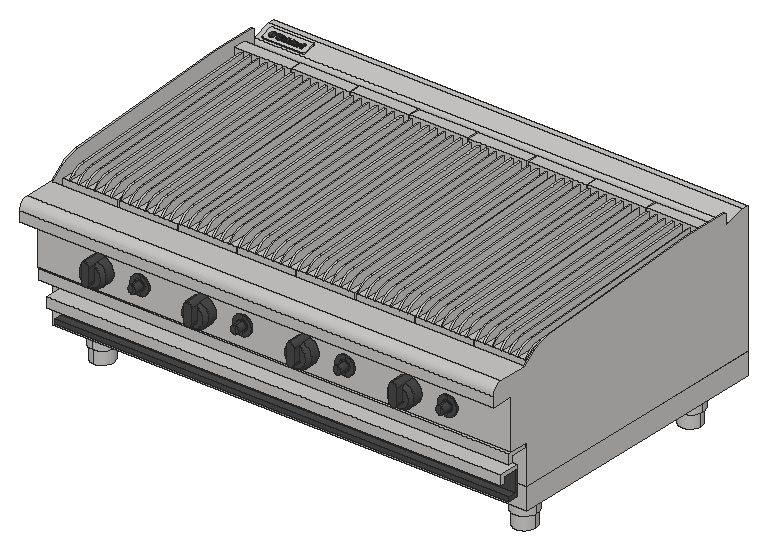
Revit family "QF_MOFFAT WALDORF_CHL8120G-B", category Specialty Equipment, Revit 2012 (continued)
Automatic sketch dimensions
  curve 43 to curve 46 = 0 mm
  curve 107 to curve 109 = 0 mm  (x2)
  curve 47 to curve 50 = 0 mm
  curve 103 to curve 105 = 0 mm  (x2)
  curve 51 to curve 54 = 0 mm
  curve 99 to curve 101 = 0 mm  (x2)
  curve 55 to curve 58 = 0 mm
  plane 1 "BACK" to curve 79 = 50.526 mm
  curve 95 to curve 97 = 0 mm  (x2)
  curve 59 to curve 65 = 0 mm
  curve 91 to curve 93 = 0 mm  (x2)
  curve 66 to curve 69 = 0 mm
  curve 87 to curve 89 = 0 mm  (x2)
  curve 70 to curve 73 = 0 mm
  curve 83 to curve 85 = 0 mm  (x2)
  plane 1 "BACK" to curve 81 = 22.262 mm
  plane 1 "BACK" to curve 80 = 22.262 mm
  plane 1 "BACK" to curve 76 = 22.262 mm
  plane 1 "BACK" to curve 72 = 22.262 mm
  plane 1 "BACK" to curve 68 = 22.262 mm
  plane 1 "BACK" to curve 61 = 22.262 mm
  plane 1 "BACK" to curve 57 = 22.262 mm
  plane 1 "BACK" to curve 53 = 22.262 mm
  plane 1 "BACK" to curve 49 = 22.262 mm
  plane 1 "BACK" to curve 45 = 22.262 mm
  plane 1 "BACK" to curve 41 = 22.262 mm
  plane 1 "BACK" to curve 37 = 22.262 mm
  plane 1 "BACK" to curve 33 = 22.262 mm
  plane 1 "BACK" to curve 29 = 22.262 mm
  plane 1 "BACK" to curve 25 = 22.262 mm
  plane 1 "BACK" to curve 21 = 22.262 mm
  plane 1 "BACK" to curve 17 = 22.262 mm
  curve 13 to curve 7 = 1.304 mm
  Extrusion 1 to Split face 1 sketch curve = 1.962 mm
  Split face 1 sketch curve to Extrusion 1 = 129.583 mm
  Split face 1 sketch curve to Split face 1 sketch curve = 20 mm
  Extrusion 1 to Split face 2 sketch curve = 1.962 mm
  Split face 2 sketch curve to Extrusion 1 = 156.5 mm
  Split face 2 sketch curve to Split face 2 sketch curve = 20 mm
  Extrusion 1 to Split face 3 sketch curve = 1.962 mm
  Split face 3 sketch curve to Extrusion 1 = 183.5 mm
  Split face 3 sketch curve to Split face 3 sketch curve = 20 mm
  Extrusion 1 to Split face 4 sketch curve = 1.962 mm
  Split face 4 sketch curve to Extrusion 1 = 210.5 mm
  Split face 4 sketch curve to Split face 4 sketch curve = 20 mm
  Extrusion 1 to Split face 5 sketch curve = 1.962 mm
  Split face 5 sketch curve to Extrusion 1 = 237.5 mm
  Split face 5 sketch curve to Split face 5 sketch curve = 20 mm
  Extrusion 1 to Split face 6 sketch curve = 1.962 mm
  Split face 6 sketch curve to Extrusion 1 = 264.5 mm
  Split face 6 sketch curve to Split face 6 sketch curve = 20 mm
  Extrusion 1 to Split face 7 sketch curve = 1.962 mm
  Split face 7 sketch curve to Extrusion 1 = 291.5 mm
  Split face 7 sketch curve to Split face 7 sketch curve = 20 mm
  Extrusion 1 to Split face 8 sketch curve = 1.962 mm
  Split face 8 sketch curve to Extrusion 1 = 318.5 mm
  Split face 8 sketch curve to Split face 8 sketch curve = 20 mm
  Extrusion 1 to Split face 9 sketch curve = 1.962 mm
  Split face 9 sketch curve to Extrusion 1 = 345.5 mm
  Split face 9 sketch curve to Split face 9 sketch curve = 20 mm
  Extrusion 1 to Split face 10 sketch curve = 1.962 mm
  Split face 10 sketch curve to Extrusion 1 = 372.579 mm
  Split face 10 sketch curve to Split face 10 sketch curve = 20 mm
  Extrusion 1 to Split face 11 sketch curve = 1.962 mm
  Split face 11 sketch curve to Extrusion 1 = 399.534 mm
  Split face 11 sketch curve to Split face 11 sketch curve = 20 mm
  Revolve 4 sketch curve to level = 0 mm
  level to Revolve 4 sketch curve = 35 mm
  Revolve 4 sketch curve to plane 5 "FRONT" = 148.25 mm
  Revolve 4 sketch curve to Revolve 4 sketch curve = 4.25 mm
  Revolve 4 sketch curve to Revolve 4 sketch curve = 27.5 mm  (x2)
  Revolve 4 sketch curve to Revolve 4 sketch curve = 55 mm
  Revolve 4 sketch curve to Revolve 4 sketch curve = 15 mm
  Revolve 4 sketch curve to Revolve 4 sketch curve = 35 mm
  Extrusion 6 sketch curve to plane 5 "FRONT" = 100 mm
  Revolve 8 sketch curve to plane 5 "FRONT" = 12 mm
  Revolve 8 sketch curve to Revolve 8 sketch curve = 0 mm  (x2)
  Revolve 8 sketch curve to Revolve 8 sketch curve = 11 mm
  Revolve 8 sketch curve to Revolve 8 sketch curve = 12.7 mm
  Revolve 8 sketch curve to Revolve 8 sketch curve = 23 mm
  Revolve 8 sketch curve to Revolve 8 sketch curve = 10 mm
  level to Revolve 8 sketch curve = 297 mm
  Revolve 8 sketch curve to Revolve 8 sketch curve = 5 mm
  Revolve 8 sketch curve to Revolve 8 sketch curve = 26.651 mm
  Revolve 8 sketch curve to Revolve 8 sketch curve = 5.849 mm
  Revolve 10 sketch curve to plane 5 "FRONT" = 12 mm
  Revolve 10 sketch curve to Revolve 10 sketch curve = 0 mm  (x2)
  Revolve 10 sketch curve to Revolve 10 sketch curve = 11 mm
  Revolve 10 sketch curve to Revolve 10 sketch curve = 12.7 mm
  Revolve 10 sketch curve to Revolve 10 sketch curve = 23 mm
  Revolve 10 sketch curve to Revolve 10 sketch curve = 10 mm
  Revolve 10 sketch curve to plane 6 "TOP" = 300.5 mm
  Revolve 10 sketch curve to Revolve 10 sketch curve = 5.849 mm
  Revolve 10 sketch curve to Revolve 10 sketch curve = 27.5 mm
  Revolve 10 sketch curve to Revolve 10 sketch curve = 5 mm
  Revolve 12 sketch curve to plane 5 "FRONT" = 20.12 mm
  Revolve 12 sketch curve to Revolve 12 sketch curve = 6.83 mm
  Revolve 12 sketch curve to Revolve 12 sketch curve = 15.2 mm
  Revolve 12 sketch curve to Revolve 12 sketch curve = 1.144 mm
  Revolve 12 sketch curve to Revolve 12 sketch curve = 3.85 mm
  Revolve 12 sketch curve to Revolve 12 sketch curve = 0 mm  (x2)
  Revolve 12 sketch curve to Revolve 12 sketch curve = 10 mm
  level to Revolve 12 sketch curve = 297 mm
  Revolve 12 sketch curve to Revolve 12 sketch curve = 5 mm
  Revolve 12 sketch curve to Revolve 12 sketch curve = 4.825 mm
  Revolve 12 sketch curve to Revolve 12 sketch curve = 3.025 mm
  Revolve 12 sketch curve to Revolve 12 sketch curve = 11.15 mm
  Revolve 13 sketch curve to plane 5 "FRONT" = 20.12 mm
  Revolve 13 sketch curve to Revolve 13 sketch curve = 6.83 mm
  Revolve 13 sketch curve to Revolve 13 sketch curve = 15.2 mm
  Revolve 13 sketch curve to Revolve 13 sketch curve = 1.144 mm
  Revolve 13 sketch curve to Revolve 13 sketch curve = 3.85 mm
  Revolve 13 sketch curve to Revolve 13 sketch curve = 0 mm  (x2)
  Revolve 13 sketch curve to Revolve 13 sketch curve = 10 mm
  level to Revolve 13 sketch curve = 297 mm
  Revolve 13 sketch curve to Revolve 13 sketch curve = 5 mm
  Revolve 13 sketch curve to Revolve 13 sketch curve = 4.825 mm
  Revolve 13 sketch curve to Revolve 13 sketch curve = 3.025 mm
  Revolve 13 sketch curve to Revolve 13 sketch curve = 11.15 mm
  Extrusion 14 sketch curve to plane 5 "FRONT" = 128 mm
  Extrusion 14 sketch curve to Extrusion 14 sketch curve = 46.148 mm
  Extrusion 14 sketch curve to Extrusion 14 sketch curve = 50.262 mm
  plane 1 "BACK" to Extrusion 14 sketch curve = 132 mm
  Extrusion 14 sketch curve to plane 6 "TOP" = 265.155 mm
  Extrusion 14 sketch curve to plane 6 "TOP" = 219.636 mm
  Extrusion 14 sketch curve to Extrusion 14 sketch curve = 52.486 mm
  Extrusion 15 sketch curve to plane 5 "FRONT" = 128 mm
  Extrusion 15 sketch curve to Extrusion 15 sketch curve = 46.148 mm
  Extrusion 15 sketch curve to Extrusion 15 sketch curve = 4.114 mm
  plane 1 "BACK" to Extrusion 15 sketch curve = 132 mm
  Extrusion 15 sketch curve to plane 6 "TOP" = 265.155 mm
  Extrusion 15 sketch curve to plane 6 "TOP" = 219.636 mm
  Extrusion 15 sketch curve to Extrusion 15 sketch curve = 52.486 mm
  Extrusion 16 sketch curve to plane 5 "FRONT" = 128 mm
  Extrusion 16 sketch curve to Extrusion 16 sketch curve = 46.148 mm
  Extrusion 16 sketch curve to Extrusion 16 sketch curve = 50.262 mm
  plane 1 "BACK" to Extrusion 16 sketch curve = 132 mm
  Extrusion 16 sketch curve to plane 6 "TOP" = 265.155 mm
  Extrusion 16 sketch curve to plane 6 "TOP" = 219.636 mm
  Extrusion 16 sketch curve to Extrusion 16 sketch curve = 52.486 mm
  Extrusion 17 sketch curve to plane 5 "FRONT" = 128 mm
  Extrusion 17 sketch curve to Extrusion 17 sketch curve = 46.148 mm
  Extrusion 17 sketch curve to Extrusion 17 sketch curve = 4.114 mm
  plane 1 "BACK" to Extrusion 17 sketch curve = 132 mm
  Extrusion 17 sketch curve to plane 6 "TOP" = 265.155 mm
  Extrusion 17 sketch curve to plane 6 "TOP" = 219.636 mm
  Extrusion 17 sketch curve to Extrusion 17 sketch curve = 52.486 mm
  Extrusion 18 sketch curve to plane 5 "FRONT" = 128 mm
  Extrusion 18 sketch curve to Extrusion 18 sketch curve = 46.148 mm
  Extrusion 18 sketch curve to Extrusion 18 sketch curve = 50.262 mm
  plane 1 "BACK" to Extrusion 18 sketch curve = 132 mm
  Extrusion 18 sketch curve to plane 6 "TOP" = 265.155 mm
  Extrusion 18 sketch curve to plane 6 "TOP" = 219.636 mm
  Extrusion 18 sketch curve to Extrusion 18 sketch curve = 52.486 mm
  Extrusion 19 sketch curve to plane 5 "FRONT" = 128 mm
  Extrusion 19 sketch curve to Extrusion 19 sketch curve = 46.148 mm
  Extrusion 19 sketch curve to Extrusion 19 sketch curve = 50.262 mm
  plane 1 "BACK" to Extrusion 19 sketch curve = 132 mm
  Extrusion 19 sketch curve to plane 6 "TOP" = 265.155 mm
  Extrusion 19 sketch curve to plane 6 "TOP" = 219.636 mm
  Extrusion 19 sketch curve to Extrusion 19 sketch curve = 52.486 mm
  Extrusion 20 sketch curve to plane 5 "FRONT" = 128 mm
  Extrusion 20 sketch curve to Extrusion 20 sketch curve = 46.148 mm
  Extrusion 20 sketch curve to Extrusion 20 sketch curve = 4.114 mm
  plane 1 "BACK" to Extrusion 20 sketch curve = 132 mm
  Extrusion 20 sketch curve to plane 6 "TOP" = 265.155 mm
  Extrusion 20 sketch curve to plane 6 "TOP" = 219.636 mm
  Extrusion 20 sketch curve to Extrusion 20 sketch curve = 52.486 mm
  Extrusion 21 sketch curve to plane 5 "FRONT" = 128 mm
  Extrusion 21 sketch curve to Extrusion 21 sketch curve = 46.148 mm
  Extrusion 21 sketch curve to Extrusion 21 sketch curve = 50.262 mm
  plane 1 "BACK" to Extrusion 21 sketch curve = 132 mm
  Extrusion 21 sketch curve to plane 6 "TOP" = 265.155 mm
  Extrusion 21 sketch curve to plane 6 "TOP" = 219.636 mm
  Extrusion 21 sketch curve to Extrusion 21 sketch curve = 52.486 mm
  Extrusion 22 sketch curve to plane 5 "FRONT" = 128 mm
  Extrusion 22 sketch curve to Extrusion 22 sketch curve = 46.148 mm
  Extrusion 22 sketch curve to Extrusion 22 sketch curve = 4.114 mm
  plane 1 "BACK" to Extrusion 22 sketch curve = 132 mm
  Extrusion 22 sketch curve to plane 6 "TOP" = 265.155 mm
  Extrusion 22 sketch curve to plane 6 "TOP" = 219.636 mm
  Extrusion 22 sketch curve to Extrusion 22 sketch curve = 52.486 mm
  Extrusion 23 sketch curve to plane 5 "FRONT" = 128 mm
  Extrusion 23 sketch curve to Extrusion 23 sketch curve = 46.148 mm
  Extrusion 23 sketch curve to Extrusion 23 sketch curve = 50.262 mm
  plane 1 "BACK" to Extrusion 23 sketch curve = 132 mm
  Extrusion 23 sketch curve to plane 6 "TOP" = 265.155 mm
  Extrusion 23 sketch curve to plane 6 "TOP" = 219.636 mm
  Extrusion 23 sketch curve to Extrusion 23 sketch curve = 52.486 mm
  Extrusion 24 sketch curve to plane 5 "FRONT" = 128 mm
  Extrusion 24 sketch curve to Extrusion 24 sketch curve = 46.148 mm
  Extrusion 24 sketch curve to Extrusion 24 sketch curve = 4.114 mm
  plane 1 "BACK" to Extrusion 24 sketch curve = 132 mm
  Extrusion 24 sketch curve to plane 6 "TOP" = 265.155 mm
  Extrusion 24 sketch curve to plane 6 "TOP" = 219.636 mm
  Extrusion 24 sketch curve to Extrusion 24 sketch curve = 52.486 mm
  Extrusion 25 sketch curve to plane 5 "FRONT" = 128 mm
  Extrusion 25 sketch curve to Extrusion 25 sketch curve = 46.148 mm
  Extrusion 25 sketch curve to Extrusion 25 sketch curve = 4.114 mm
  plane 1 "BACK" to Extrusion 25 sketch curve = 132 mm
  Extrusion 25 sketch curve to plane 6 "TOP" = 265.155 mm
  Extrusion 25 sketch curve to plane 6 "TOP" = 219.636 mm
  Extrusion 25 sketch curve to Extrusion 25 sketch curve = 52.486 mm
  Extrusion 26 sketch curve to plane 5 "FRONT" = 128 mm
  Extrusion 26 sketch curve to Extrusion 26 sketch curve = 46.148 mm
  Extrusion 26 sketch curve to Extrusion 26 sketch curve = 4.114 mm
  plane 1 "BACK" to Extrusion 26 sketch curve = 132 mm
  Extrusion 26 sketch curve to plane 6 "TOP" = 265.155 mm
  Extrusion 26 sketch curve to plane 6 "TOP" = 219.636 mm
  Extrusion 26 sketch curve to Extrusion 26 sketch curve = 52.486 mm
  Extrusion 27 sketch curve to plane 5 "FRONT" = 128 mm
  Extrusion 27 sketch curve to Extrusion 27 sketch curve = 46.148 mm
  Extrusion 27 sketch curve to Extrusion 27 sketch curve = 4.114 mm
  plane 1 "BACK" to Extrusion 27 sketch curve = 132 mm
  Extrusion 27 sketch curve to plane 6 "TOP" = 265.155 mm
  Extrusion 27 sketch curve to plane 6 "TOP" = 219.636 mm
  Extrusion 27 sketch curve to Extrusion 27 sketch curve = 52.486 mm
  Extrusion 28 sketch curve to plane 5 "FRONT" = 128 mm
  Extrusion 28 sketch curve to Extrusion 28 sketch curve = 46.148 mm
  Extrusion 28 sketch curve to Extrusion 28 sketch curve = 4.114 mm
  plane 1 "BACK" to Extrusion 28 sketch curve = 132 mm
  Extrusion 28 sketch curve to plane 6 "TOP" = 265.155 mm
  Extrusion 28 sketch curve to plane 6 "TOP" = 219.636 mm
  Extrusion 28 sketch curve to Extrusion 28 sketch curve = 52.486 mm
  Extrusion 29 sketch curve to plane 5 "FRONT" = 128 mm
  Extrusion 29 sketch curve to Extrusion 29 sketch curve = 46.148 mm
  Extrusion 29 sketch curve to Extrusion 29 sketch curve = 50.262 mm
  plane 1 "BACK" to Extrusion 29 sketch curve = 132 mm
  Extrusion 29 sketch curve to plane 6 "TOP" = 265.155 mm
  Extrusion 29 sketch curve to plane 6 "TOP" = 219.636 mm
  Extrusion 29 sketch curve to Extrusion 29 sketch curve = 52.486 mm
  Extrusion 30 sketch curve to plane 5 "FRONT" = 128 mm
  Extrusion 30 sketch curve to Extrusion 30 sketch curve = 46.148 mm
  Extrusion 30 sketch curve to Extrusion 30 sketch curve = 50.262 mm
  plane 1 "BACK" to Extrusion 30 sketch curve = 132 mm
  Extrusion 30 sketch curve to plane 6 "TOP" = 265.155 mm
  Extrusion 30 sketch curve to plane 6 "TOP" = 219.636 mm
  Extrusion 30 sketch curve to Extrusion 30 sketch curve = 52.486 mm
  Extrusion 31 sketch curve to plane 5 "FRONT" = 128 mm
  Extrusion 31 sketch curve to Extrusion 31 sketch curve = 46.148 mm
  Extrusion 31 sketch curve to Extrusion 31 sketch curve = 4.114 mm
  plane 1 "BACK" to Extrusion 31 sketch curve = 132 mm
  Extrusion 31 sketch curve to plane 6 "TOP" = 265.155 mm
  Extrusion 31 sketch curve to plane 6 "TOP" = 219.636 mm
  Extrusion 31 sketch curve to Extrusion 31 sketch curve = 52.486 mm
  Extrusion 32 sketch curve to plane 5 "FRONT" = 128 mm
  Extrusion 32 sketch curve to Extrusion 32 sketch curve = 46.148 mm
  Extrusion 32 sketch curve to Extrusion 32 sketch curve = 50.262 mm
  plane 1 "BACK" to Extrusion 32 sketch curve = 132 mm
  Extrusion 32 sketch curve to plane 6 "TOP" = 265.155 mm
  Extrusion 32 sketch curve to plane 6 "TOP" = 219.636 mm
  Extrusion 32 sketch curve to Extrusion 32 sketch curve = 52.486 mm
  Extrusion 33 sketch curve to plane 5 "FRONT" = 128 mm
  Extrusion 33 sketch curve to Extrusion 33 sketch curve = 46.148 mm
  Extrusion 33 sketch curve to Extrusion 33 sketch curve = 4.114 mm
  plane 1 "BACK" to Extrusion 33 sketch curve = 132 mm
  Extrusion 33 sketch curve to plane 6 "TOP" = 265.155 mm
  Extrusion 33 sketch curve to plane 6 "TOP" = 219.636 mm
  Extrusion 33 sketch curve to Extrusion 33 sketch curve = 52.486 mm
  Extrusion 34 sketch curve to plane 5 "FRONT" = 128 mm
  Extrusion 34 sketch curve to Extrusion 34 sketch curve = 46.148 mm
  Extrusion 34 sketch curve to Extrusion 34 sketch curve = 4.114 mm
  plane 1 "BACK" to Extrusion 34 sketch curve = 132 mm
  Extrusion 34 sketch curve to plane 6 "TOP" = 265.155 mm
  Extrusion 34 sketch curve to Extrusion 34 sketch curve = 45.518 mm
  Extrusion 34 sketch curve to Extrusion 34 sketch curve = 52.486 mm
  Extrusion 35 sketch curve to plane 5 "FRONT" = 128 mm
  Extrusion 35 sketch curve to Extrusion 35 sketch curve = 46.148 mm
  Extrusion 35 sketch curve to Extrusion 35 sketch curve = 50.262 mm
  plane 1 "BACK" to Extrusion 35 sketch curve = 132 mm
  Extrusion 35 sketch curve to plane 6 "TOP" = 265.155 mm
  Extrusion 35 sketch curve to plane 6 "TOP" = 219.636 mm
  Extrusion 35 sketch curve to Extrusion 35 sketch curve = 52.486 mm
  Extrusion 36 sketch curve to plane 5 "FRONT" = 128 mm
  Extrusion 36 sketch curve to Extrusion 36 sketch curve = 46.148 mm
  Extrusion 36 sketch curve to Extrusion 36 sketch curve = 4.114 mm
  plane 1 "BACK" to Extrusion 36 sketch curve = 132 mm
  Extrusion 36 sketch curve to plane 6 "TOP" = 265.155 mm
  Extrusion 36 sketch curve to plane 6 "TOP" = 219.636 mm
  Extrusion 36 sketch curve to Extrusion 36 sketch curve = 52.486 mm
  Extrusion 37 sketch curve to plane 5 "FRONT" = 128 mm
  Extrusion 37 sketch curve to Extrusion 37 sketch curve = 46.148 mm
  Extrusion 37 sketch curve to Extrusion 37 sketch curve = 4.114 mm
  plane 1 "BACK" to Extrusion 37 sketch curve = 132 mm
  Extrusion 37 sketch curve to plane 6 "TOP" = 265.155 mm
  Extrusion 37 sketch curve to plane 6 "TOP" = 219.636 mm
  Extrusion 37 sketch curve to Extrusion 37 sketch curve = 52.486 mm
  Extrusion 38 sketch curve to plane 5 "FRONT" = 128 mm
  Extrusion 38 sketch curve to Extrusion 38 sketch curve = 46.148 mm
  Extrusion 38 sketch curve to Extrusion 38 sketch curve = 50.262 mm
  plane 1 "BACK" to Extrusion 38 sketch curve = 132 mm
  Extrusion 38 sketch curve to plane 6 "TOP" = 265.155 mm
  Extrusion 38 sketch curve to plane 6 "TOP" = 219.636 mm
  Extrusion 38 sketch curve to Extrusion 38 sketch curve = 52.486 mm
  Extrusion 39 sketch curve to plane 5 "FRONT" = 128 mm
  Extrusion 39 sketch curve to Extrusion 39 sketch curve = 46.148 mm
  Extrusion 39 sketch curve to Extrusion 39 sketch curve = 50.262 mm
  plane 1 "BACK" to Extrusion 39 sketch curve = 132 mm
  Extrusion 39 sketch curve to plane 6 "TOP" = 265.155 mm
  Extrusion 39 sketch curve to plane 6 "TOP" = 219.636 mm
  Extrusion 39 sketch curve to Extrusion 39 sketch curve = 52.486 mm
  Extrusion 40 sketch curve to plane 5 "FRONT" = 128 mm
  Extrusion 40 sketch curve to Extrusion 40 sketch curve = 46.148 mm
  Extrusion 40 sketch curve to Extrusion 40 sketch curve = 4.114 mm
  plane 1 "BACK" to Extrusion 40 sketch curve = 132 mm
  Extrusion 40 sketch curve to plane 6 "TOP" = 265.155 mm
  Extrusion 40 sketch curve to plane 6 "TOP" = 219.636 mm
  Extrusion 40 sketch curve to Extrusion 40 sketch curve = 52.486 mm
  Extrusion 42 sketch curve to plane 5 "FRONT" = 81 mm
  Extrusion 42 sketch curve to Extrusion 42 sketch curve = 20 mm
  Extrusion 42 sketch curve to Extrusion 42 sketch curve = 18.654 mm
  level to Extrusion 42 sketch curve = 108.047 mm
  Extrusion 42 sketch curve to Extrusion 42 sketch curve = 10 mm
  Extrusion 42 sketch curve to Extrusion 42 sketch curve = 53.75 mm
  Extrusion 43 sketch curve to plane 5 "FRONT" = 53.73 mm
  Extrusion 43 sketch curve to Extrusion 43 sketch curve = 10 mm  (x2)
  Extrusion 43 sketch curve to Extrusion 43 sketch curve = 42.27 mm
  level to Extrusion 43 sketch curve = 211.219 mm
  Extrusion 43 sketch curve to Extrusion 43 sketch curve = 15 mm
  Split face 12 sketch curve to cut or joined group of Extrusion 1, Extrusion 6, Extrusion 7 = 1.25 mm
  Split face 12 sketch curve to cut or joined group of Extrusion 1, Extrusion 6, Extrusion 7 = 24.993 mm
  cut or joined group of Extrusion 1, Extrusion 6, Extrusion 7 to Split face 12 sketch curve = 1.25 mm
  Split face 12 sketch curve to cut or joined group of Extrusion 1, Extrusion 6, Extrusion 7 = 25.12 mm
  Extrusion 44 sketch curve to plane 5 "FRONT" = 53.73 mm
  Extrusion 44 sketch curve to Extrusion 44 sketch curve = 10 mm  (x2)
  Extrusion 44 sketch curve to Extrusion 44 sketch curve = 55.924 mm
  level to Extrusion 44 sketch curve = 156.797 mm
  Extrusion 44 sketch curve to Extrusion 44 sketch curve = 15 mm
  Extrusion 45 sketch curve to plane 5 "FRONT" = 128 mm
  plane 1 "BACK" to Extrusion 45 sketch curve = 132 mm
  Extrusion 45 sketch curve to Extrusion 45 sketch curve = 30 mm
  Extrusion 45 sketch curve to plane 6 "TOP" = 255 mm
  Extrusion 45 sketch curve to Extrusion 45 sketch curve = 35.364 mm
  Extrusion 45 sketch curve to Extrusion 45 sketch curve = 59.636 mm
  Extrusion 46 sketch curve to plane 5 "FRONT" = 128 mm
  plane 1 "BACK" to Extrusion 46 sketch curve = 132 mm
  Extrusion 46 sketch curve to Extrusion 46 sketch curve = 30 mm
  Extrusion 46 sketch curve to plane 6 "TOP" = 255 mm
  Extrusion 46 sketch curve to Extrusion 46 sketch curve = 35.364 mm
  Extrusion 46 sketch curve to Extrusion 46 sketch curve = 59.636 mm
  Extrusion 47 sketch curve to plane 5 "FRONT" = 128 mm
  plane 1 "BACK" to Extrusion 47 sketch curve = 132 mm
  Extrusion 47 sketch curve to Extrusion 47 sketch curve = 30 mm
  Extrusion 47 sketch curve to plane 6 "TOP" = 255 mm
  Extrusion 47 sketch curve to Extrusion 47 sketch curve = 35.364 mm
  Extrusion 47 sketch curve to Extrusion 47 sketch curve = 59.636 mm
  Extrusion 48 sketch curve to plane 5 "FRONT" = 128 mm
  plane 1 "BACK" to Extrusion 48 sketch curve = 132 mm
  Extrusion 48 sketch curve to Extrusion 48 sketch curve = 30 mm
  Extrusion 48 sketch curve to plane 6 "TOP" = 255 mm
  Extrusion 48 sketch curve to Extrusion 48 sketch curve = 35.364 mm
  Extrusion 48 sketch curve to Extrusion 48 sketch curve = 59.636 mm
  Extrusion 49 sketch curve to plane 5 "FRONT" = 128 mm
  Extrusion 49 sketch curve to Extrusion 49 sketch curve = 46.148 mm
  Extrusion 49 sketch curve to Extrusion 49 sketch curve = 50.262 mm
  plane 1 "BACK" to Extrusion 49 sketch curve = 132 mm
  Extrusion 49 sketch curve to plane 6 "TOP" = 265.155 mm
  Extrusion 49 sketch curve to Extrusion 49 sketch curve = 45.518 mm
  Extrusion 49 sketch curve to Extrusion 49 sketch curve = 52.486 mm
  Extrusion 50 sketch curve to plane 5 "FRONT" = 128 mm
  Extrusion 50 sketch curve to Extrusion 50 sketch curve = 46.148 mm
  Extrusion 50 sketch curve to Extrusion 50 sketch curve = 4.114 mm
  plane 1 "BACK" to Extrusion 50 sketch curve = 132 mm
  Extrusion 50 sketch curve to plane 6 "TOP" = 265.155 mm
  Extrusion 50 sketch curve to plane 6 "TOP" = 219.636 mm
  Extrusion 50 sketch curve to Extrusion 50 sketch curve = 52.486 mm
  Extrusion 51 sketch curve to plane 5 "FRONT" = 128 mm
  Extrusion 51 sketch curve to Extrusion 51 sketch curve = 46.148 mm
  Extrusion 51 sketch curve to Extrusion 51 sketch curve = 4.114 mm
  plane 1 "BACK" to Extrusion 51 sketch curve = 132 mm
  Extrusion 51 sketch curve to plane 6 "TOP" = 265.155 mm
  Extrusion 51 sketch curve to plane 6 "TOP" = 219.636 mm
  Extrusion 51 sketch curve to Extrusion 51 sketch curve = 52.486 mm
  Extrusion 52 sketch curve to plane 5 "FRONT" = 128 mm
  Extrusion 52 sketch curve to Extrusion 52 sketch curve = 46.148 mm
  Extrusion 52 sketch curve to Extrusion 52 sketch curve = 4.114 mm
  plane 1 "BACK" to Extrusion 52 sketch curve = 132 mm
  Extrusion 52 sketch curve to plane 6 "TOP" = 265.155 mm
  Extrusion 52 sketch curve to plane 6 "TOP" = 219.636 mm
  Extrusion 52 sketch curve to Extrusion 52 sketch curve = 52.486 mm
  Extrusion 53 sketch curve to plane 5 "FRONT" = 128 mm
  Extrusion 53 sketch curve to Extrusion 53 sketch curve = 46.148 mm
  Extrusion 53 sketch curve to Extrusion 53 sketch curve = 4.114 mm
  plane 1 "BACK" to Extrusion 53 sketch curve = 132 mm
  Extrusion 53 sketch curve to plane 6 "TOP" = 265.155 mm
  Extrusion 53 sketch curve to plane 6 "TOP" = 219.636 mm
  Extrusion 53 sketch curve to Extrusion 53 sketch curve = 52.486 mm
  Extrusion 54 sketch curve to plane 5 "FRONT" = 128 mm
  Extrusion 54 sketch curve to Extrusion 54 sketch curve = 46.148 mm
  Extrusion 54 sketch curve to Extrusion 54 sketch curve = 4.114 mm
  plane 1 "BACK" to Extrusion 54 sketch curve = 132 mm
  Extrusion 54 sketch curve to plane 6 "TOP" = 265.155 mm
  Extrusion 54 sketch curve to plane 6 "TOP" = 219.636 mm
  Extrusion 54 sketch curve to Extrusion 54 sketch curve = 52.486 mm
  Extrusion 55 sketch curve to plane 5 "FRONT" = 128 mm
  Extrusion 55 sketch curve to Extrusion 55 sketch curve = 46.148 mm
  Extrusion 55 sketch curve to Extrusion 55 sketch curve = 4.114 mm
  plane 1 "BACK" to Extrusion 55 sketch curve = 132 mm
  Extrusion 55 sketch curve to plane 6 "TOP" = 265.155 mm
  Extrusion 55 sketch curve to plane 6 "TOP" = 219.636 mm
  Extrusion 55 sketch curve to Extrusion 55 sketch curve = 52.486 mm
  Extrusion 56 sketch curve to plane 5 "FRONT" = 128 mm
  plane 1 "BACK" to Extrusion 56 sketch curve = 132 mm
  Extrusion 56 sketch curve to Extrusion 56 sketch curve = 30 mm
  Extrusion 56 sketch curve to plane 6 "TOP" = 255 mm
  Extrusion 56 sketch curve to Extrusion 56 sketch curve = 35.364 mm
  Extrusion 56 sketch curve to Extrusion 56 sketch curve = 59.636 mm
  Extrusion 57 sketch curve to plane 5 "FRONT" = 128 mm
  Extrusion 57 sketch curve to Extrusion 57 sketch curve = 46.148 mm
  Extrusion 57 sketch curve to Extrusion 57 sketch curve = 50.262 mm
  plane 1 "BACK" to Extrusion 57 sketch curve = 132 mm
  Extrusion 57 sketch curve to plane 6 "TOP" = 265.155 mm
  Extrusion 57 sketch curve to Extrusion 57 sketch curve = 45.518 mm
  Extrusion 57 sketch curve to Extrusion 57 sketch curve = 52.486 mm
  Extrusion 58 sketch curve to plane 5 "FRONT" = 128 mm
  Extrusion 58 sketch curve to Extrusion 58 sketch curve = 46.148 mm
  Extrusion 58 sketch curve to Extrusion 58 sketch curve = 4.114 mm
  plane 1 "BACK" to Extrusion 58 sketch curve = 132 mm
  Extrusion 58 sketch curve to plane 6 "TOP" = 265.155 mm
  Extrusion 58 sketch curve to plane 6 "TOP" = 219.636 mm
  Extrusion 58 sketch curve to Extrusion 58 sketch curve = 52.486 mm
  Extrusion 59 sketch curve to plane 5 "FRONT" = 128 mm
  Extrusion 59 sketch curve to Extrusion 59 sketch curve = 46.148 mm
  Extrusion 59 sketch curve to Extrusion 59 sketch curve = 4.114 mm
  plane 1 "BACK" to Extrusion 59 sketch curve = 132 mm
  Extrusion 59 sketch curve to plane 6 "TOP" = 265.155 mm
  Extrusion 59 sketch curve to plane 6 "TOP" = 219.636 mm
  Extrusion 59 sketch curve to Extrusion 59 sketch curve = 52.486 mm
  Extrusion 60 sketch curve to plane 5 "FRONT" = 128 mm
  Extrusion 60 sketch curve to Extrusion 60 sketch curve = 46.148 mm
  Extrusion 60 sketch curve to Extrusion 60 sketch curve = 4.114 mm
  plane 1 "BACK" to Extrusion 60 sketch curve = 132 mm
  Extrusion 60 sketch curve to plane 6 "TOP" = 265.155 mm
  Extrusion 60 sketch curve to plane 6 "TOP" = 219.636 mm
  Extrusion 60 sketch curve to Extrusion 60 sketch curve = 52.486 mm
  Extrusion 61 sketch curve to plane 5 "FRONT" = 128 mm
  Extrusion 61 sketch curve to Extrusion 61 sketch curve = 46.148 mm
  Extrusion 61 sketch curve to Extrusion 61 sketch curve = 4.114 mm
  plane 1 "BACK" to Extrusion 61 sketch curve = 132 mm
  Extrusion 61 sketch curve to plane 6 "TOP" = 265.155 mm
  Extrusion 61 sketch curve to plane 6 "TOP" = 219.636 mm
  Extrusion 61 sketch curve to Extrusion 61 sketch curve = 52.486 mm
  Extrusion 62 sketch curve to plane 5 "FRONT" = 128 mm
  Extrusion 62 sketch curve to Extrusion 62 sketch curve = 46.148 mm
  Extrusion 62 sketch curve to Extrusion 62 sketch curve = 4.114 mm
  plane 1 "BACK" to Extrusion 62 sketch curve = 132 mm
  Extrusion 62 sketch curve to plane 6 "TOP" = 265.155 mm
  Extrusion 62 sketch curve to plane 6 "TOP" = 219.636 mm
  Extrusion 62 sketch curve to Extrusion 62 sketch curve = 52.486 mm
  Extrusion 63 sketch curve to plane 5 "FRONT" = 128 mm
  Extrusion 63 sketch curve to Extrusion 63 sketch curve = 46.148 mm
  Extrusion 63 sketch curve to Extrusion 63 sketch curve = 4.114 mm
  plane 1 "BACK" to Extrusion 63 sketch curve = 132 mm
  Extrusion 63 sketch curve to plane 6 "TOP" = 265.155 mm
  Extrusion 63 sketch curve to plane 6 "TOP" = 219.636 mm
  Extrusion 63 sketch curve to Extrusion 63 sketch curve = 52.486 mm
  Extrusion 64 sketch curve to plane 5 "FRONT" = 128 mm
  plane 1 "BACK" to Extrusion 64 sketch curve = 132 mm
  Extrusion 64 sketch curve to Extrusion 64 sketch curve = 30 mm
  Extrusion 64 sketch curve to plane 6 "TOP" = 255 mm
  Extrusion 64 sketch curve to Extrusion 64 sketch curve = 35.364 mm
  Extrusion 64 sketch curve to Extrusion 64 sketch curve = 59.636 mm
  Extrusion 1 to Split face 13 sketch curve = 1.962 mm
  Split face 13 sketch curve to Extrusion 1 = 426.534 mm
  Split face 13 sketch curve to Split face 13 sketch curve = 20 mm
  Extrusion 1 to Split face 14 sketch curve = 1.962 mm
  Split face 14 sketch curve to Extrusion 1 = 453.567 mm
  Split face 14 sketch curve to Split face 14 sketch curve = 20 mm
  Extrusion 1 to Split face 15 sketch curve = 1.962 mm
  Split face 15 sketch curve to Extrusion 1 = 480.567 mm
  Split face 15 sketch curve to Split face 15 sketch curve = 20 mm
  Extrusion 1 to Split face 16 sketch curve = 1.962 mm
  Split face 16 sketch curve to Extrusion 1 = 507.567 mm
  Split face 16 sketch curve to Split face 16 sketch curve = 20 mm
  Extrusion 1 to Split face 17 sketch curve = 1.962 mm
  Split face 17 sketch curve to Extrusion 1 = 534.567 mm
  Split face 17 sketch curve to Split face 17 sketch curve = 20 mm
  Extrusion 1 to Split face 18 sketch curve = 1.962 mm
  Split face 18 sketch curve to Extrusion 1 = 561.567 mm
  Split face 18 sketch curve to Split face 18 sketch curve = 20 mm
  Extrusion 1 to Split face 19 sketch curve = 1.962 mm
  Split face 19 sketch curve to Extrusion 1 = 588.567 mm
  Split face 19 sketch curve to Split face 19 sketch curve = 20 mm
  Extrusion 1 to Split face 20 sketch curve = 1.962 mm
  Split face 20 sketch curve to Extrusion 1 = 584.433 mm
  Split face 20 sketch curve to Split face 20 sketch curve = 20 mm
  Extrusion 1 to Split face 21 sketch curve = 1.962 mm
  Split face 21 sketch curve to Extrusion 1 = 557.466 mm
  Split face 21 sketch curve to Split face 21 sketch curve = 20 mm
  Extrusion 1 to Split face 22 sketch curve = 1.962 mm
  Split face 22 sketch curve to Extrusion 1 = 530.466 mm
  Split face 22 sketch curve to Split face 22 sketch curve = 20 mm
  Extrusion 1 to Split face 23 sketch curve = 1.962 mm
  Split face 23 sketch curve to Extrusion 1 = 503.466 mm
  Split face 23 sketch curve to Split face 23 sketch curve = 20 mm
  Extrusion 1 to Split face 24 sketch curve = 1.962 mm
  Split face 24 sketch curve to Extrusion 1 = 476.466 mm
  Split face 24 sketch curve to Split face 24 sketch curve = 20 mm
  Extrusion 1 to Split face 25 sketch curve = 1.962 mm
  Split face 25 sketch curve to Extrusion 1 = 449.466 mm
  Split face 25 sketch curve to Split face 25 sketch curve = 20 mm
  Revolve 65 sketch curve to plane 5 "FRONT" = 12 mm
  Revolve 65 sketch curve to Revolve 65 sketch curve = 0 mm  (x2)
  Revolve 65 sketch curve to Revolve 65 sketch curve = 11 mm
  Revolve 65 sketch curve to Revolve 65 sketch curve = 12.7 mm
  Revolve 65 sketch curve to Revolve 65 sketch curve = 23 mm
  Revolve 65 sketch curve to Revolve 65 sketch curve = 10 mm
  Revolve 65 sketch curve to plane 6 "TOP" = 300.5 mm
  Revolve 65 sketch curve to Revolve 65 sketch curve = 5.849 mm
  Revolve 65 sketch curve to Revolve 65 sketch curve = 27.5 mm
  Revolve 65 sketch curve to Revolve 65 sketch curve = 5 mm
  Revolve 67 sketch curve to plane 5 "FRONT" = 20.12 mm
  Revolve 67 sketch curve to Revolve 67 sketch curve = 6.83 mm
  Revolve 67 sketch curve to Revolve 67 sketch curve = 15.2 mm
  Revolve 67 sketch curve to Revolve 67 sketch curve = 1.144 mm
  Revolve 67 sketch curve to Revolve 67 sketch curve = 3.85 mm
  Revolve 67 sketch curve to Revolve 67 sketch curve = 0 mm  (x2)
  Revolve 67 sketch curve to Revolve 67 sketch curve = 10 mm
  level to Revolve 67 sketch curve = 297 mm
  Revolve 67 sketch curve to Revolve 67 sketch curve = 5 mm
  Revolve 67 sketch curve to Revolve 67 sketch curve = 4.825 mm
  Revolve 67 sketch curve to Revolve 67 sketch curve = 3.025 mm
  Revolve 67 sketch curve to Revolve 67 sketch curve = 11.15 mm
  Revolve 68 sketch curve to plane 5 "FRONT" = 12 mm
  Revolve 68 sketch curve to Revolve 68 sketch curve = 0 mm  (x2)
  Revolve 68 sketch curve to Revolve 68 sketch curve = 11 mm
  Revolve 68 sketch curve to Revolve 68 sketch curve = 12.7 mm
  Revolve 68 sketch curve to Revolve 68 sketch curve = 23 mm
  Revolve 68 sketch curve to Revolve 68 sketch curve = 10 mm
  Revolve 68 sketch curve to plane 6 "TOP" = 300.5 mm
  Revolve 68 sketch curve to Revolve 68 sketch curve = 5.849 mm
  Revolve 68 sketch curve to Revolve 68 sketch curve = 27.5 mm
  Revolve 68 sketch curve to Revolve 68 sketch curve = 5 mm
  plane 4 "RIGHT" to Extrusion 69 sketch curve = 241.991 mm
  Extrusion 69 sketch curve to Extrusion 69 sketch curve = 10 mm
  Extrusion 69 sketch curve to plane 6 "TOP" = 306 mm
  Extrusion 69 sketch curve to Extrusion 69 sketch curve = 35 mm
  Revolve 70 sketch curve to plane 5 "FRONT" = 20.12 mm
  Revolve 70 sketch curve to Revolve 70 sketch curve = 6.83 mm
  Revolve 70 sketch curve to Revolve 70 sketch curve = 15.2 mm
  Revolve 70 sketch curve to Revolve 70 sketch curve = 1.144 mm
  Revolve 70 sketch curve to Revolve 70 sketch curve = 3.85 mm
  Revolve 70 sketch curve to Revolve 70 sketch curve = 0 mm  (x2)
  Revolve 70 sketch curve to Revolve 70 sketch curve = 10 mm
  level to Revolve 70 sketch curve = 297 mm
  Revolve 70 sketch curve to Revolve 70 sketch curve = 5 mm
  Revolve 70 sketch curve to Revolve 70 sketch curve = 4.825 mm
  Revolve 70 sketch curve to Revolve 70 sketch curve = 3.025 mm
  Revolve 70 sketch curve to Revolve 70 sketch curve = 11.15 mm
  Extrusion 71 sketch curve to plane 5 "FRONT" = 128 mm
  Extrusion 71 sketch curve to Extrusion 71 sketch curve = 46.148 mm
  Extrusion 71 sketch curve to Extrusion 71 sketch curve = 50.262 mm
  plane 1 "BACK" to Extrusion 71 sketch curve = 132 mm
  Extrusion 71 sketch curve to plane 6 "TOP" = 265.155 mm
  Extrusion 71 sketch curve to Extrusion 71 sketch curve = 45.518 mm
  Extrusion 71 sketch curve to Extrusion 71 sketch curve = 52.486 mm
  Extrusion 72 sketch curve to plane 5 "FRONT" = 128 mm
  Extrusion 72 sketch curve to Extrusion 72 sketch curve = 46.148 mm
  Extrusion 72 sketch curve to Extrusion 72 sketch curve = 4.114 mm
  plane 1 "BACK" to Extrusion 72 sketch curve = 132 mm
  Extrusion 72 sketch curve to plane 6 "TOP" = 265.155 mm
  Extrusion 72 sketch curve to plane 6 "TOP" = 219.636 mm
  Extrusion 72 sketch curve to Extrusion 72 sketch curve = 52.486 mm
  Extrusion 73 sketch curve to plane 5 "FRONT" = 128 mm
  Extrusion 73 sketch curve to Extrusion 73 sketch curve = 46.148 mm
  Extrusion 73 sketch curve to Extrusion 73 sketch curve = 4.114 mm
  plane 1 "BACK" to Extrusion 73 sketch curve = 132 mm
  Extrusion 73 sketch curve to plane 6 "TOP" = 265.155 mm
  Extrusion 73 sketch curve to plane 6 "TOP" = 219.636 mm
  Extrusion 73 sketch curve to Extrusion 73 sketch curve = 52.486 mm
  Extrusion 74 sketch curve to plane 5 "FRONT" = 128 mm
  Extrusion 74 sketch curve to Extrusion 74 sketch curve = 46.148 mm
  Extrusion 74 sketch curve to Extrusion 74 sketch curve = 4.114 mm
  plane 1 "BACK" to Extrusion 74 sketch curve = 132 mm
  Extrusion 74 sketch curve to plane 6 "TOP" = 265.155 mm
  Extrusion 74 sketch curve to plane 6 "TOP" = 219.636 mm
  Extrusion 74 sketch curve to Extrusion 74 sketch curve = 52.486 mm
  Extrusion 75 sketch curve to plane 5 "FRONT" = 128 mm
  Extrusion 75 sketch curve to Extrusion 75 sketch curve = 46.148 mm
  Extrusion 75 sketch curve to Extrusion 75 sketch curve = 4.114 mm
  plane 1 "BACK" to Extrusion 75 sketch curve = 132 mm
  Extrusion 75 sketch curve to plane 6 "TOP" = 265.155 mm
  Extrusion 75 sketch curve to plane 6 "TOP" = 219.636 mm
  Extrusion 75 sketch curve to Extrusion 75 sketch curve = 52.486 mm
  Extrusion 76 sketch curve to plane 5 "FRONT" = 128 mm
  Extrusion 76 sketch curve to Extrusion 76 sketch curve = 46.148 mm
  Extrusion 76 sketch curve to Extrusion 76 sketch curve = 4.114 mm
  plane 1 "BACK" to Extrusion 76 sketch curve = 132 mm
  Extrusion 76 sketch curve to plane 6 "TOP" = 265.155 mm
  Extrusion 76 sketch curve to plane 6 "TOP" = 219.636 mm
  Extrusion 76 sketch curve to Extrusion 76 sketch curve = 52.486 mm
  Extrusion 77 sketch curve to plane 5 "FRONT" = 128 mm
  Extrusion 77 sketch curve to Extrusion 77 sketch curve = 46.148 mm
  Extrusion 77 sketch curve to Extrusion 77 sketch curve = 4.114 mm
  plane 1 "BACK" to Extrusion 77 sketch curve = 132 mm
  Extrusion 77 sketch curve to plane 6 "TOP" = 265.155 mm
  Extrusion 77 sketch curve to plane 6 "TOP" = 219.636 mm
  Extrusion 77 sketch curve to Extrusion 77 sketch curve = 52.486 mm
  Extrusion 78 sketch curve to plane 5 "FRONT" = 128 mm
  plane 1 "BACK" to Extrusion 78 sketch curve = 132 mm
  Extrusion 78 sketch curve to Extrusion 78 sketch curve = 30 mm
  Extrusion 78 sketch curve to plane 6 "TOP" = 255 mm
  Extrusion 78 sketch curve to Extrusion 78 sketch curve = 35.364 mm
  Extrusion 78 sketch curve to Extrusion 78 sketch curve = 59.636 mm
  Extrusion 79 sketch curve to plane 5 "FRONT" = 128 mm
  Extrusion 79 sketch curve to Extrusion 79 sketch curve = 46.148 mm
  Extrusion 79 sketch curve to Extrusion 79 sketch curve = 50.262 mm
  plane 1 "BACK" to Extrusion 79 sketch curve = 132 mm
  Extrusion 79 sketch curve to plane 6 "TOP" = 265.155 mm
  Extrusion 79 sketch curve to Extrusion 79 sketch curve = 45.518 mm
  Extrusion 79 sketch curve to Extrusion 79 sketch curve = 52.486 mm
  Extrusion 80 sketch curve to plane 5 "FRONT" = 128 mm
  Extrusion 80 sketch curve to Extrusion 80 sketch curve = 46.148 mm
  Extrusion 80 sketch curve to Extrusion 80 sketch curve = 4.114 mm
  plane 1 "BACK" to Extrusion 80 sketch curve = 132 mm
  Extrusion 80 sketch curve to plane 6 "TOP" = 265.155 mm
  Extrusion 80 sketch curve to plane 6 "TOP" = 219.636 mm
  Extrusion 80 sketch curve to Extrusion 80 sketch curve = 52.486 mm
  Extrusion 81 sketch curve to plane 5 "FRONT" = 128 mm
  Extrusion 81 sketch curve to Extrusion 81 sketch curve = 46.148 mm
  Extrusion 81 sketch curve to Extrusion 81 sketch curve = 4.114 mm
  plane 1 "BACK" to Extrusion 81 sketch curve = 132 mm
  Extrusion 81 sketch curve to plane 6 "TOP" = 265.155 mm
  Extrusion 81 sketch curve to plane 6 "TOP" = 219.636 mm
  Extrusion 81 sketch curve to Extrusion 81 sketch curve = 52.486 mm
  Extrusion 82 sketch curve to plane 5 "FRONT" = 128 mm
  Extrusion 82 sketch curve to Extrusion 82 sketch curve = 46.148 mm
  Extrusion 82 sketch curve to Extrusion 82 sketch curve = 4.114 mm
  plane 1 "BACK" to Extrusion 82 sketch curve = 132 mm
  Extrusion 82 sketch curve to plane 6 "TOP" = 265.155 mm
  Extrusion 82 sketch curve to plane 6 "TOP" = 219.636 mm
  Extrusion 82 sketch curve to Extrusion 82 sketch curve = 52.486 mm
  Extrusion 83 sketch curve to plane 5 "FRONT" = 128 mm
  Extrusion 83 sketch curve to Extrusion 83 sketch curve = 46.148 mm
  Extrusion 83 sketch curve to Extrusion 83 sketch curve = 4.114 mm
  plane 1 "BACK" to Extrusion 83 sketch curve = 132 mm
  Extrusion 83 sketch curve to plane 6 "TOP" = 265.155 mm
  Extrusion 83 sketch curve to plane 6 "TOP" = 219.636 mm
  Extrusion 83 sketch curve to Extrusion 83 sketch curve = 52.486 mm
  Extrusion 84 sketch curve to plane 5 "FRONT" = 128 mm
  Extrusion 84 sketch curve to Extrusion 84 sketch curve = 46.148 mm
  Extrusion 84 sketch curve to Extrusion 84 sketch curve = 4.114 mm
  plane 1 "BACK" to Extrusion 84 sketch curve = 132 mm
  Extrusion 84 sketch curve to plane 6 "TOP" = 265.155 mm
  Extrusion 84 sketch curve to plane 6 "TOP" = 219.636 mm
  Extrusion 84 sketch curve to Extrusion 84 sketch curve = 52.486 mm
  Extrusion 85 sketch curve to plane 5 "FRONT" = 128 mm
  Extrusion 85 sketch curve to Extrusion 85 sketch curve = 46.148 mm
  Extrusion 85 sketch curve to Extrusion 85 sketch curve = 4.114 mm
  plane 1 "BACK" to Extrusion 85 sketch curve = 132 mm
  Extrusion 85 sketch curve to plane 6 "TOP" = 265.155 mm
  Extrusion 85 sketch curve to plane 6 "TOP" = 219.636 mm
  Extrusion 85 sketch curve to Extrusion 85 sketch curve = 52.486 mm
  Extrusion 86 sketch curve to plane 5 "FRONT" = 128 mm
  plane 1 "BACK" to Extrusion 86 sketch curve = 132 mm
  Extrusion 86 sketch curve to Extrusion 86 sketch curve = 30 mm
  Extrusion 86 sketch curve to plane 6 "TOP" = 255 mm
  Extrusion 86 sketch curve to Extrusion 86 sketch curve = 35.364 mm
  Extrusion 86 sketch curve to Extrusion 86 sketch curve = 59.636 mm
  Extrusion 1 to Split face 26 sketch curve = 1.962 mm
  Split face 26 sketch curve to Extrusion 1 = 422.466 mm
  Split face 26 sketch curve to Split face 26 sketch curve = 20 mm
  Extrusion 1 to Split face 27 sketch curve = 1.962 mm
  Split face 27 sketch curve to Extrusion 1 = 395.466 mm
  Split face 27 sketch curve to Split face 27 sketch curve = 20 mm
  Extrusion 1 to Split face 28 sketch curve = 1.962 mm
  Split face 28 sketch curve to Extrusion 1 = 368.466 mm
  Split face 28 sketch curve to Split face 28 sketch curve = 20 mm
  Extrusion 1 to Split face 29 sketch curve = 1.962 mm
  Split face 29 sketch curve to Extrusion 1 = 341.466 mm
  Split face 29 sketch curve to Split face 29 sketch curve = 20 mm
  Extrusion 1 to Split face 30 sketch curve = 1.962 mm
  Split face 30 sketch curve to Extrusion 1 = 314.466 mm
  Split face 30 sketch curve to Split face 30 sketch curve = 20 mm
  Extrusion 1 to Split face 31 sketch curve = 1.962 mm
  Split face 31 sketch curve to Extrusion 1 = 287.466 mm
  Split face 31 sketch curve to Split face 31 sketch curve = 20 mm
  Extrusion 1 to Split face 32 sketch curve = 1.962 mm
  Split face 32 sketch curve to Extrusion 1 = 260.466 mm
  Split face 32 sketch curve to Split face 32 sketch curve = 20 mm
  Extrusion 1 to Split face 33 sketch curve = 1.962 mm
  Split face 33 sketch curve to Extrusion 1 = 233.466 mm
  Split face 33 sketch curve to Split face 33 sketch curve = 20 mm
  Extrusion 1 to Split face 34 sketch curve = 1.962 mm
  Split face 34 sketch curve to Extrusion 1 = 206.466 mm
  Split face 34 sketch curve to Split face 34 sketch curve = 20 mm
  Extrusion 1 to Split face 35 sketch curve = 1.962 mm
  Split face 35 sketch curve to Extrusion 1 = 179.466 mm
  Split face 35 sketch curve to Split face 35 sketch curve = 20 mm
  Extrusion 1 to Split face 36 sketch curve = 1.962 mm
  Split face 36 sketch curve to Extrusion 1 = 152.466 mm
  Split face 36 sketch curve to Split face 36 sketch curve = 20 mm
  Extrusion 7 sketch curve to plane 5 "FRONT" = 100 mm
  Extrusion 7 sketch curve to Extrusion 7 sketch curve = 28.253 mm
  Extrusion 7 sketch curve to Extrusion 7 sketch curve = 85.611 mm
  plane 1 "BACK" to Extrusion 7 sketch curve = 191 mm
  plane 1 "BACK" to Extrusion 7 sketch curve = 70 mm
  Extrusion 7 sketch curve to plane 6 "TOP" = 150 mm
  Extrusion 7 sketch curve to Extrusion 7 sketch curve = 21.715 mm
  Extrusion 7 sketch curve to Extrusion 7 sketch curve = 40 mm
  Extrusion 7 sketch curve to Extrusion 7 sketch curve = 50.382 mm
  Extrusion 7 sketch curve to Extrusion 7 sketch curve = 17.841 mm
  Extrusion 7 sketch curve to Extrusion 7 sketch curve = 5 mm
  Extrusion 7 sketch curve to plane 6 "TOP" = 175.444 mm
  Extrusion 6 sketch curve to Extrusion 6 sketch curve = 28.253 mm
  Extrusion 6 sketch curve to Extrusion 6 sketch curve = 21.715 mm
  Extrusion 6 sketch curve to Extrusion 6 sketch curve = 40 mm
  Extrusion 6 sketch curve to Extrusion 6 sketch curve = 50.382 mm
  Extrusion 6 sketch curve to Extrusion 6 sketch curve = 85.611 mm
  Extrusion 6 sketch curve to Extrusion 6 sketch curve = 17.841 mm
  Extrusion 6 sketch curve to plane 6 "TOP" = 175.444 mm
  Extrusion 6 sketch curve to Extrusion 6 sketch curve = 5 mm
  plane 1 "BACK" to Extrusion 6 sketch curve = 191 mm
  plane 1 "BACK" to Extrusion 6 sketch curve = 75 mm
  Extrusion 6 sketch curve to Extrusion 6 sketch curve = 105 mm
  Extrusion 1 sketch curve to plane 5 "FRONT" = 0 mm
  Extrusion 1 sketch curve to plane 1 "BACK" = 0 mm  (x2)
  Extrusion 1 sketch curve to plane 5 "FRONT" = 24 mm
  Extrusion 1 sketch curve to plane 5 "FRONT" = 56 mm
  Extrusion 1 sketch curve to Extrusion 1 sketch curve = 44 mm
  Extrusion 1 sketch curve to Extrusion 1 sketch curve = 50 mm
  Extrusion 1 sketch curve to Extrusion 1 sketch curve = 0 mm
  plane 1 "BACK" to Extrusion 1 sketch curve = 70 mm
  plane 1 "BACK" to Extrusion 1 sketch curve = 16.5 mm
  level to Extrusion 1 sketch curve = 85 mm
  Extrusion 1 sketch curve to Extrusion 1 sketch curve = 54.206 mm
  Extrusion 1 sketch curve to Extrusion 1 sketch curve = 0.794 mm
  Extrusion 1 sketch curve to Extrusion 1 sketch curve = 100 mm
  Extrusion 1 sketch curve to Extrusion 1 sketch curve = 126 mm
  Extrusion 1 sketch curve to Extrusion 1 sketch curve = 9 mm
  Extrusion 1 sketch curve to Extrusion 1 sketch curve = 25 mm
  Extrusion 1 sketch curve to Extrusion 1 sketch curve = 71.055 mm
  Extrusion 1 sketch curve to Extrusion 1 sketch curve = 12.354 mm
  Extrusion 1 sketch curve to Extrusion 1 sketch curve = 12 mm
  Extrusion 1 sketch curve to Extrusion 1 sketch curve = 8.894 mm
  Split face 1 sketch curve to Extrusion 1 = 17.949 mm
  Split face 2 sketch curve to Extrusion 1 = 17.949 mm
  Split face 3 sketch curve to Extrusion 1 = 17.949 mm
  Split face 4 sketch curve to Extrusion 1 = 17.949 mm
  Split face 5 sketch curve to Extrusion 1 = 17.949 mm
  Split face 6 sketch curve to Extrusion 1 = 17.949 mm
  Split face 7 sketch curve to Extrusion 1 = 17.949 mm
  Split face 8 sketch curve to Extrusion 1 = 17.949 mm
  Split face 9 sketch curve to Extrusion 1 = 17.949 mm
  Split face 10 sketch curve to Extrusion 1 = 17.949 mm
  Split face 11 sketch curve to Extrusion 1 = 17.949 mm
  Split face 13 sketch curve to Extrusion 1 = 17.949 mm
  Split face 14 sketch curve to Extrusion 1 = 17.949 mm
  Split face 15 sketch curve to Extrusion 1 = 17.949 mm
  Split face 16 sketch curve to Extrusion 1 = 17.949 mm
  Split face 17 sketch curve to Extrusion 1 = 17.949 mm
  Split face 18 sketch curve to Extrusion 1 = 17.949 mm
  Split face 19 sketch curve to Extrusion 1 = 17.949 mm
  Split face 20 sketch curve to Extrusion 1 = 17.949 mm
  Split face 21 sketch curve to Extrusion 1 = 17.949 mm
  Split face 22 sketch curve to Extrusion 1 = 17.949 mm
  Split face 23 sketch curve to Extrusion 1 = 17.949 mm
  Split face 24 sketch curve to Extrusion 1 = 17.949 mm
  Split face 25 sketch curve to Extrusion 1 = 17.949 mm
  Split face 26 sketch curve to Extrusion 1 = 17.949 mm
  Split face 27 sketch curve to Extrusion 1 = 17.949 mm
  Split face 28 sketch curve to Extrusion 1 = 17.949 mm
  Split face 29 sketch curve to Extrusion 1 = 17.949 mm
  Split face 30 sketch curve to Extrusion 1 = 17.949 mm
  Split face 31 sketch curve to Extrusion 1 = 17.949 mm
  Split face 32 sketch curve to Extrusion 1 = 17.949 mm
  Split face 33 sketch curve to Extrusion 1 = 17.949 mm
  Split face 34 sketch curve to Extrusion 1 = 17.949 mm
  Split face 35 sketch curve to Extrusion 1 = 17.949 mm
  Split face 36 sketch curve to Extrusion 1 = 17.949 mm
  radius of Extrusion 41 sketch curve = 13.5 mm
Nested families
  nested 1: "WALDORF LOGO_FACE BASE" at (12.5, -23.821, 467.972) x (1, 0, 0) z (0, -0.2669, 0.9637), visible <- "Show Logo", type "WALDORF LOGO_FACE BASE", detail levels medium+fine
    with Show Logo yes
Connectors
  piping at (216, -32, 55)
    settings: on Extrusion 41, index 1, connector radius 0.37402", flow factor 0, pipe flow 0 GPM, pressure drop 0.00 psi, fitting loss kfactor 0, connector angle 0.00°, fixture units 0, engagement length 0 mm, flow configuration 1, flow direction 1, fitting loss method 0, system type 7, joint type 0, gender type 0, connector reference index -1, connector utility 0, adjustable connector no, is connector primary yes, fitting loss table "", connector description "GAS CONNECTION"
Definition of nested family "WALDORF LOGO_FACE BASE"
  Parameters (values of type "WALDORF LOGO_FACE BASE")
    Show Logo [instance] = yes
    Default Elevation = 1219.2 mm
  Reference planes
    plane 1 "Center (Front/Back)": y = 0
    plane 2: z = 0
    plane 3 "Center (Left/Right)": x = 0
  Forms (mm)
    Extrusion 1, solid
      sketch origin (0, 0, 0) x (1, 0, 0) y (0, 1, 0)
        loop
          line (-1219.2, 1219.2) -> (-1219.2, -1219.2) -> (1219.2, -1219.2) -> (1219.2, 1219.2) -> (-1219.2, 1219.2)
      from 0 to -304.8
    Extrusion 2, solid, material "QF_Finishes_Stainless Steel", visible <- "Show Logo"
      sketch origin (0, -33.217, 0) x (1, 0, 0) y (0, 1, 0)
        loop
          arc (5, 34.14) -> (1.464, 32.676) -> (0, 29.14) r 5
          line (0, 29.14) -> (0, 5)
          arc (0, 5) -> (1.464, 1.464) -> (5, 0) r 5
          line (5, 0) -> (104, 0)
          arc (104, 0) -> (107.536, 1.464) -> (109, 5) r 5
          line (109, 5) -> (109, 29.14)
          arc (109, 29.14) -> (107.536, 32.676) -> (104, 34.14) r 5
          line (104, 34.14) -> (5, 34.14)
      from 0 to 1.588
    Extrusion 3, solid, material "QF_Finishes_Black", visible <- "Show Logo"
      sketch origin (0, -33.217, 1.588) x (1, 0, 0) y (0, 1, 0)
        loop
          line (24.772, 23.214) -> (27.992, 10.301) -> (31.551, 10.301) -> (33.443, 17.364) -> (35.205, 10.301) -> (39.332, 10.301) -> (42.077, 23.214) -> (38.352, 23.214) -> (36.676, 15.33) -> (35, 23.214) -> (31.752, 23.214) -> (30.076, 15.33) -> (28.4, 23.214) -> (24.772, 23.214)
        loop
          line (42.272, 17.055) -> (45.703, 17.055)
          spline (45.703, 17.055) -> (45.741, 17.285) -> (45.852, 17.499) -> (46.028, 17.682) -> (46.258, 17.823) -> (46.526, 17.912) -> (46.813, 17.942) -> (47.1, 17.912) -> (47.368, 17.823) -> (47.597, 17.682) -> (47.774, 17.499) -> (47.884, 17.285) -> (47.922, 17.055)
          line (47.922, 17.055) -> (47.922, 16.222)
          arc (47.922, 16.222) -> (45.742, 16.014) -> (43.665, 15.317) r 9.604
          arc (43.665, 15.317) -> (41.924, 12.809) -> (43.665, 10.301) r 2.677
          arc (43.665, 10.301) -> (45.527, 10.353) -> (47.332, 10.816) r 8.365
          line (47.332, 10.816) -> (48.092, 11.105) -> (48.092, 10.301) -> (51.817, 10.301) -> (51.817, 17.055)
          spline (51.817, 17.055) -> (51.654, 17.821) -> (51.178, 18.535) -> (50.419, 19.148) -> (49.431, 19.619) -> (48.28, 19.914) -> (47.044, 20.015) -> (45.809, 19.914) -> (44.658, 19.619) -> (43.67, 19.148) -> (42.911, 18.535) -> (42.434, 17.821) -> (42.272, 17.055)
        loop
          line (53.151, 23.214) -> (53.151, 10.301) -> (57.37, 10.301) -> (57.37, 23.214) -> (53.151, 23.214)
        loop
          line (64.874, 23.214) -> (64.874, 18.857)
          arc (64.874, 18.857) -> (58.083, 15.11) -> (64.874, 11.363) r 4.429
          line (64.874, 11.363) -> (64.874, 10.301) -> (68.378, 10.301) -> (68.378, 23.214) -> (64.874, 23.214)
        loop
          arc (64.874, 16.083) -> (61.41, 14.987) -> (64.874, 13.891) r 1.905
          line (64.874, 13.891) -> (64.874, 16.083)
        loop
          circle (74.623, 15.223) r 5
        loop
          spline (74.623, 17.856) -> (74.355, 17.766) -> (74.105, 17.503) -> (73.891, 17.084) -> (73.726, 16.539) -> (73.623, 15.904) -> (73.588, 15.223) -> (73.623, 14.541) -> (73.726, 13.906) -> (73.891, 13.361) -> (74.105, 12.942) -> (74.355, 12.679) -> (74.623, 12.59)
          spline (74.623, 12.59) -> (74.891, 12.679) -> (75.141, 12.942) -> (75.355, 13.361) -> (75.52, 13.906) -> (75.623, 14.541) -> (75.659, 15.223) -> (75.623, 15.904) -> (75.52, 16.539) -> (75.355, 17.084) -> (75.141, 17.503) -> (74.891, 17.766) -> (74.623, 17.856)
        loop
          line (81.255, 19.813) -> (81.255, 10.301) -> (84.834, 10.301) -> (84.834, 14.176)
          arc (84.834, 14.176) -> (85.854, 16.093) -> (88.013, 16.32) r 2.313
          line (88.013, 16.32) -> (88.013, 19.813) -> (87.161, 19.813)
          arc (87.161, 19.813) -> (85.526, 19.266) -> (84.549, 17.844) r 2.717
          line (84.549, 17.844) -> (84.549, 19.813) -> (81.255, 19.813)
        loop
          line (90.249, 19.813) -> (88.91, 19.813) -> (88.91, 17.614) -> (90.249, 17.614) -> (90.249, 10.301) -> (93.998, 10.301) -> (93.998, 17.614) -> (95.418, 17.614) -> (95.418, 19.813) -> (93.998, 19.813)
          arc (93.998, 19.813) -> (94.414, 20.817) -> (95.418, 21.233) r 1.42
          line (95.418, 21.233) -> (95.418, 23.602) -> (93.317, 23.602)
          arc (93.317, 23.602) -> (91.343, 22.903) -> (90.249, 21.118) r 3.137
          line (90.249, 21.118) -> (90.249, 19.813)
        loop
          arc (15.241, 23.571) -> (8.392, 16.525) -> (15.241, 9.479) r 7.049
          line (15.241, 9.479) -> (15.241, 23.571)
        loop
          line (15.641, 23.571) -> (15.641, 9.479)
          arc (15.641, 9.479) -> (22.49, 16.525) -> (15.641, 23.571) r 7.049
        loop
          arc (47.922, 14.711) -> (46.266, 13.749) -> (47.922, 12.787) r 1.107
          line (47.922, 12.787) -> (47.922, 14.711)
      from 0 to 0.2
  Dimensions and locks
    aligned and locked: plane 2 to Extrusion 1
    aligned and locked: level to Extrusion 1
